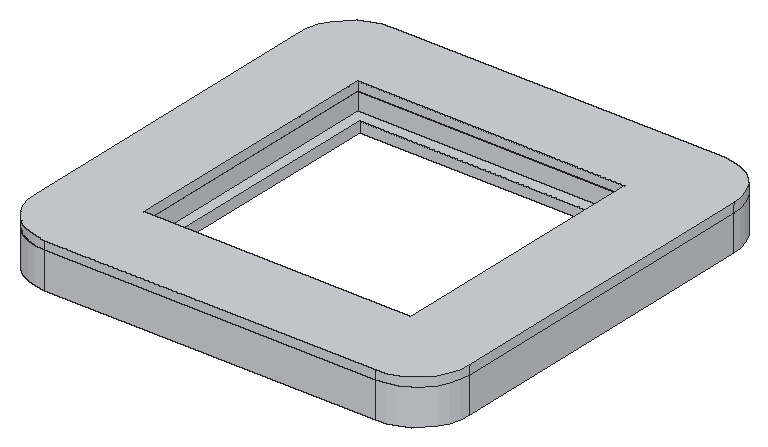
Revit family "Gira_0211424", category Electrical Fixtures, host Face, Revit 2017
Family settings
  Host = Face
  Maintain Annotation Orientation = No
  Round Connector Dimension = Use Diameter
  Part Type = Normal
  Cut with Voids When Loaded = No
  Shared = No
  Room Calculation Point = No
Parameters (values of type "Cov.fr. 1-g Gira E3 blue grey/anthra.")
  URL = "http://katalog.gira.de/en/datenblatt.html?artikelnr=0211424"
  Transparent = "No"
  Name = "Cov.fr. 1-g Gira E3 blue grey/anthra."
  Manufacturer URL = "https://www.gira.de/"
  Manufacturer = "Gira"
  Keynote = ""
  HeinzeBIM = "https://bimportal.heinze.de/bim/cov-fr-1-g-gira-e3-blue-grey-anthra-/39ae96b59b572a6079a16479d5a1f7634278ff70"
  HAN = "0211424"
  GTIN = "4010337024200"
  Description = "Cov.fr.1g E3 BgyAn,Gira E3 cover frame,blue grey soft touch with anthracite intermediate frame,1-gang,Features:,- Shatter-proof.,,Notes :,- Soft-touch surface,- NCS value: approx. NCS S 4010-R90B"
  Default Elevation = 1219.2 mm
  Data sheet (1) = "https://katalog.gira.de/en/download.html?artikelnr=0211424"
  Category = "Cover frame for domestic switching devices"
  BIM (1) = "https://media.stage.bim.site/public/gira/36a6b08/E3_Rahmen_1fach.rfa"
  Available = "No"
Reference planes
  plane 1 "Center (Front/Back)": y = 0
  plane 2: z = 0
  plane 3 "Center (Left/Right)": x = 0
Forms (mm)
  Extrusion 1, solid, detail levels fine
    sketch origin (0, 0, 0) x (1, 0, 0) y (0, 1, 0)
      loop
        arc (-34.8, 45.809) -> (-42.585, 42.585) -> (-45.809, 34.8) r 11.009
        line (-45.809, 34.8) -> (-45.809, -34.8)
        arc (-45.809, -34.8) -> (-42.585, -42.585) -> (-34.8, -45.809) r 11.009
        line (-34.8, -45.809) -> (34.8, -45.809)
        arc (34.8, -45.809) -> (42.585, -42.585) -> (45.809, -34.8) r 11.009
        line (45.809, -34.8) -> (45.809, 34.8)
        arc (45.809, 34.8) -> (42.585, 42.585) -> (34.8, 45.809) r 11.009
        line (34.8, 45.809) -> (-34.8, 45.809)
      loop
        line (28.187, 28.156) -> (-28.187, 28.156) -> (-28.187, -28.156) -> (28.187, -28.156) -> (28.187, 28.156)
    from 7.65 to 9.5
  Extrusion 2, solid, detail levels fine
    sketch origin (0, 0, 0) x (1, 0, 0) y (0, 1, 0)
      loop
        line (25.7, 25.7) -> (-25.7, 25.7) -> (-25.7, -25.7) -> (25.7, -25.7) -> (25.7, 25.7)
      loop
        line (-28.187, -28.156) -> (28.187, -28.156) -> (28.187, 28.156) -> (-28.187, 28.156) -> (-28.187, -28.156)
    from 1.65 to 3.9
  Extrusion 3, solid, detail levels fine
    sketch origin (0, 0, 0) x (1, 0, 0) y (0, 1, 0)
      loop
        arc (-34.8, 45.809) -> (-42.585, 42.585) -> (-45.809, 34.8) r 11.009
        line (-45.809, 34.8) -> (-45.809, -34.8)
        arc (-45.809, -34.8) -> (-42.585, -42.585) -> (-34.8, -45.809) r 11.009
        line (-34.8, -45.809) -> (34.8, -45.809)
        arc (34.8, -45.809) -> (42.585, -42.585) -> (45.809, -34.8) r 11.009
        line (45.809, -34.8) -> (45.809, 34.8)
        arc (45.809, 34.8) -> (42.585, 42.585) -> (34.8, 45.809) r 11.009
        line (34.8, 45.809) -> (-34.8, 45.809)
      loop
        line (-43.843, 34.785) -> (-43.843, -34.785)
        arc (-43.843, -34.785) -> (-41.19, -41.19) -> (-34.785, -43.843) r 9.058
        line (-34.785, -43.843) -> (34.785, -43.843)
        arc (34.785, -43.843) -> (41.19, -41.19) -> (43.843, -34.785) r 9.058
        line (43.843, -34.785) -> (43.843, 34.785)
        arc (43.843, 34.785) -> (41.19, 41.19) -> (34.785, 43.843) r 9.058
        line (34.785, 43.843) -> (-34.785, 43.843)
        arc (-34.785, 43.843) -> (-41.19, 41.19) -> (-43.843, 34.785) r 9.058
    from 0 to 7.65
  Extrusion 4, solid, detail levels fine
    sketch origin (0, 0, 0) x (1, 0, 0) y (0, 1, 0)
      loop
        line (-27.337, -31.075) -> (27.337, -31.075)
        arc (27.337, -31.075) -> (29.98, -29.98) -> (31.075, -27.337) r 3.739
        line (31.075, -27.337) -> (31.075, 27.337)
        arc (31.075, 27.337) -> (29.98, 29.98) -> (27.337, 31.075) r 3.739
        line (27.337, 31.075) -> (-27.337, 31.075)
        arc (-27.337, 31.075) -> (-29.98, 29.98) -> (-31.075, 27.337) r 3.739
        line (-31.075, 27.337) -> (-31.075, -27.337)
        arc (-31.075, -27.337) -> (-29.98, -29.98) -> (-27.337, -31.075) r 3.739
      loop
        line (-29.925, 27.537) -> (-29.925, -27.537)
        arc (-29.925, -27.537) -> (-29.226, -29.226) -> (-27.537, -29.925) r 2.389
        line (-27.537, -29.925) -> (27.537, -29.925)
        arc (27.537, -29.925) -> (29.226, -29.226) -> (29.925, -27.537) r 2.389
        line (29.925, -27.537) -> (29.925, 27.537)
        arc (29.925, 27.537) -> (29.226, 29.226) -> (27.537, 29.925) r 2.389
        line (27.537, 29.925) -> (-27.537, 29.925)
        arc (-27.537, 29.925) -> (-29.226, 29.226) -> (-29.925, 27.537) r 2.389
    from 1.65 to 7.65
  Extrusion 5, solid, detail levels fine
    sketch origin (0, 0, 0) x (1, 0, 0) y (0, 1, 0)
      loop
        line (-32.053, -39.8) -> (32.053, -39.8)
        arc (32.053, -39.8) -> (37.667, -36.708) -> (39.9, -30.7) r 9.2
        line (39.9, -30.7) -> (39.9, 30.7)
        arc (39.9, 30.7) -> (37.205, 37.205) -> (30.7, 39.9) r 9.2
        line (30.7, 39.9) -> (-30.7, 39.9)
        arc (-30.7, 39.9) -> (-37.205, 37.205) -> (-39.9, 30.7) r 9.2
        line (-39.9, 30.7) -> (-39.9, -30.7)
        arc (-39.9, -30.7) -> (-37.667, -36.708) -> (-32.053, -39.8) r 9.2
      loop
        line (-30.7, -31.7) -> (30.7, -31.7)
        arc (30.7, -31.7) -> (31.407, -31.407) -> (31.7, -30.7) r 1
        line (31.7, -30.7) -> (31.7, 30.7)
        arc (31.7, 30.7) -> (31.407, 31.407) -> (30.7, 31.7) r 1
        line (30.7, 31.7) -> (-30.7, 31.7)
        arc (-30.7, 31.7) -> (-31.407, 31.407) -> (-31.7, 30.7) r 1
        line (-31.7, 30.7) -> (-31.7, -30.7)
        arc (-31.7, -30.7) -> (-31.407, -31.407) -> (-30.7, -31.7) r 1
    from 1.65 to 3.9
  Extrusion 6, solid, detail levels fine
    sketch origin (0, 0, 0) x (1, 0, 0) y (0, 1, 0)
      loop
        line (-28.187, 28.156) -> (-28.187, -28.156) -> (28.187, -28.156) -> (28.187, 28.156) -> (-28.187, 28.156)
      loop
        line (-29.925, 29.925) -> (-29.925, -29.925) -> (29.925, -29.925) -> (29.925, 29.925) -> (-29.925, 29.925)
    from 1.65 to 7.65
  Extrusion 7, solid, detail levels coarse+medium
    sketch origin (0, 0, 0) x (1, 0, 0) y (0, 1, 0)
      loop
        line (-45.809, 45.809) -> (-45.809, -45.809) -> (45.809, -45.809) -> (45.809, 45.809) -> (-45.809, 45.809)
    from 0 to 9.5
Dimensions and locks
  aligned and locked: plane 2 to host face
  aligned and locked: level to host face
